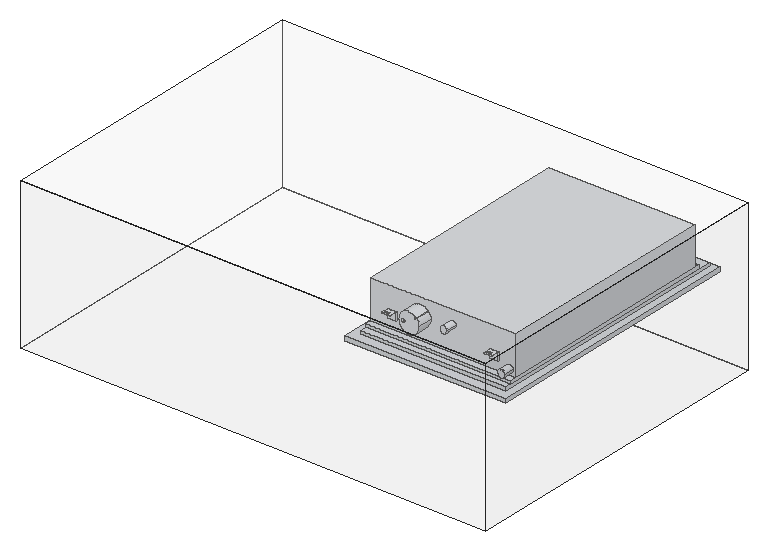
Revit family "pm-rp40_80fa19_60hz", category 機械設備, Revit 2019
Family settings
  丸型コネクタ寸法 = 直径を使用
  パーツ タイプ = 標準
  OmniClass 番号 = 23.75.10.24.21.27.27
  OmniClass タイトル = Split System Air Conditioning Units
  作業面ベース = いいえ
  常に垂直 = はい
  ロード時にボイドで切り取り = いいえ
  共有 = いいえ
  部屋計算ポイント = はい
Parameters (values of type "天井1方向_PM-RP40FA19")
  風量_静 (㎥/min) = 11
  風量_強 (㎥/min) = 15
  風量_弱 (㎥/min) = 12
  風量_中 (㎥/min) = 14
  風量 = MAX風量  # 900.0 m³/h
  音響パワーレベル(dB) = [音響パワーレベル_強 (dB)]  # 55
  音響パワーレベル_静 (dB) = 47
  音響パワーレベル_強 (dB) = 55
  音響パワーレベル_弱 (dB) = 50
  音響パワーレベル_中 (dB) = 52
  電源種別 = ""
  電源_H = 60 mm
  電圧 = 0 V
  電動機出力_送風機 = 0.09 kW
  運転質量 = 0.00 kg
  連動 = ""
  質量 = if(製品質量 > 運転質量, 製品質量, 運転質量) * 1.2  # 37.80 kg
  負荷分類 = 3_ファン類
  製品質量_本体 = 25.00 kg
  製品質量_パネル = 6.50 kg
  構成品番 = "PM-RP40FA19"
  ドレン管径 (外径) = 32 mm
  ドレン管径 = 25 mm
  サービススペース = yes
  【値が 0 の項目は組合せ形名にてご確認ください】 = ""
  URL = "https://www.mitsubishielectric.co.jp/ldg/wink/ssl/top.do"
  説明 = "店舗・事務所用パッケージエアコン(Mr.SLIM) [本体]1方向天井カセット形"
  設計暖房能力 = 0.00 kW
  設計冷房能力_顕熱 = 0 kW
  設計冷房能力 = 0 kW
  設置方法 = "カセット形"
  記号 = ""
  製造元 = "三菱電機株式会社"
  製品質量 = 製品質量_本体 + 製品質量_パネル  # 31.50 kg
  製品出荷対象 = "国内"
  製品リリース年月 = ""
  製品グループ = ""
  系統 = ""
  符号 = "PAC-CK1"
  積算_科目 = "1 空気調和設備"
  積算_拾い区分 [instance] = ""
  相 = 1
  盤記号 = ""
  発停方法 = "付属スイッチ"
  特殊仕様 = ""
  火災停止 = ""
  消費電力_暖房 = 0.07 kW
  消費電力_冷房 = 0.08 kW
  消費電力 = if(消費電力_冷房 > 消費電力_暖房, 消費電力_冷房, 消費電力_暖房)  # 0.08 kW
  法定耐用年数 = "6"
  極数 = 1
  材質 = ""
  本体マテリアル = none
  有効加湿量 = 0
  暖房能力 = 4.00 kW
  推奨ブレーカー容量 = 0 A
  形式_加湿器 = ""
  形式 = "1方向天井カセット形"
  幹線記号 = ""
  始動方式 = "直入"
  呼称 = "パッケージ形空気調和機_室内機"
  周波数 = 60 Hz
  吊り位置Y = 1173 mm
  吊り位置X = 510 mm
  吊りボルト_H = 117 mm
  台数_手元リモコン = ""
  台数_冷媒分岐ユニット = ""
  参照している仕様書等のバージョン = "公共建築工事標準仕様書（機械設備工事編）平成31年度版"
  加湿給水管径 = 0 mm
  分類コード = "5.0053E+13"
  分類グループ = ""
  冷房能力 = 3.6 kW
  冷媒高低圧ガス管径 = 0 mm
  冷媒管径符号 = "Ac"
  冷媒管径 = 100 mm
  冷媒液管高さ = 171 mm
  冷媒液管長さ = 72 mm
  冷媒液管径 = 6.4 mm
  冷媒ガス管高さ = 141 mm
  冷媒ガス管長さ = 72 mm
  冷媒ガス管径 = 12.7 mm
  企業コード = "108420"
  付属品_フィルター = ""
  付属品 = ""
  仕様書バージョン = "Version1.0"
  Model = ""
  パネルマテリアル = none
  ドレン管高さ = 159 mm
  コメント [instance] = ""
  ケーブル種類 = ""
  ケーブルサイズ = 0 mm
  Width = 724 mm
  Version = ""
  Uniclass2015Version = "Systems v1.9"
  Uniclass2015Title = "Split coil remote air cooled condensing units"
  Uniclass2015Code = "Pr_70_65_03_84"
  SpecificationReference = ""
  SpecificationDescription = ""
  S_H = 230 mm
  Revision = ""
  ProductInformation = ""
  Panel Width = 800 mm
  Panel Height = 20 mm
  Panel Depth = 1340 mm
  OmniClassCode = "23-33 17 13 11"
  MIN風量 = [風量_静 (㎥/min)] * 60.0 m³/h  # 660.0 m³/h
  MID風量2 = [風量_弱 (㎥/min)] * 60.0 m³/h  # 720.0 m³/h
  MID風量 = [風量_中 (㎥/min)] * 60.0 m³/h  # 840.0 m³/h
  MAX風量 = [風量_強 (㎥/min)] * 60.0 m³/h  # 900.0 m³/h
  IfcTypeProduct = ""
  IfcProduct = ""
  IfcExportType = "AIRCONDITIONINGUNIT"
  IfcExportAs = "IfcUnitaryEquipmentType"
  Height = 225 mm
  Depth = 1112 mm
  価格 = 0
  Clearance Top = 230 mm
  Clearance Right = 20 mm
  Clearance Left = 1500 mm
  Clearance Front = 150 mm
  Clearance Bottom = 500 mm
  Clearance Back = 150 mm
  Author = "三菱電機株式会社"
Types (8, lengths in mm): name | 風量_静 (㎥/min) | 風量_強 (㎥/min) | 風量_弱 (㎥/min) | 風量_中 (㎥/min) | 風量 | 音響パワーレベル(dB) | 音響パワーレベル_静 (dB) | 音響パワーレベル_強 (dB) | 音響パワーレベル_弱 (dB) | 音響パワーレベル_中 (dB) | 電源_H | 電動機出力_送風機 | 質量 | 製品質量_本体 | 構成品番 | 製品質量 | 消費電力_暖房 | 消費電力_冷房 | 消費電力 | 暖房能力 | 冷房能力 | 冷媒管径符号 | 冷媒液管径 | 冷媒ガス管径 | MIN風量 | MID風量2 | MID風量 | MAX風量
  天井1方向_PM-RP40FA19 | 11 | 15 | 12 | 14 | 900.0 m³/h | 55 | 47 | 55 | 50 | 52 | 60 | 0.09 kW | 37.80 kg | 25.00 kg | "PM-RP40FA19" | 31.50 kg | 0.07 kW | 0.08 kW | 0.08 kW | 4.00 kW | 3.6 kW | "Ac" | 6.4 | 12.7 | 660.0 m³/h | 720.0 m³/h | 840.0 m³/h | 900.0 m³/h
  天井1方向_PM-RP45FA19 | 11 | 15 | 12 | 14 | 900.0 m³/h | 55 | 47 | 55 | 50 | 52 | 60 | 0.09 kW | 37.80 kg | 25.00 kg | "PM-RP45FA19" | 31.50 kg | 0.07 kW | 0.08 kW | 0.08 kW | 4.50 kW | 4 kW | "Ac" | 6.4 | 12.7 | 660.0 m³/h | 720.0 m³/h | 840.0 m³/h | 900.0 m³/h
  天井1方向_PM-RP50FA19 | 11 | 15 | 12 | 14 | 900.0 m³/h | 55 | 47 | 55 | 50 | 52 | 60 | 0.09 kW | 37.80 kg | 25.00 kg | "PM-RP50FA19" | 31.50 kg | 0.07 kW | 0.08 kW | 0.08 kW | 5.00 kW | 4.5 kW | "Ac" | 6.4 | 12.7 | 660.0 m³/h | 720.0 m³/h | 840.0 m³/h | 900.0 m³/h
  天井1方向_PM-RP56FA19 | 14 | 17 | 15 | 16 | 1020.0 m³/h | 55 | 50 | 55 | 51 | 53 | 60 | 0.095 kW | 39.00 kg | 26.00 kg | "PM-RP56FA19" | 32.50 kg | 0.07 kW | 0.08 kW | 0.08 kW | 5.60 kW | 5 kW | "Ac" | 6.4 | 12.7 | 840.0 m³/h | 900.0 m³/h | 960.0 m³/h | 1020.0 m³/h
  天井1方向_PM-RP63FA19 | 14 | 19 | 16 | 17 | 1140.0 m³/h | 56 | 50 | 56 | 52 | 54 | 60 | 0.095 kW | 39.00 kg | 26.00 kg | "PM-RP63FA19" | 32.50 kg | 0.08 kW | 0.09 kW | 0.09 kW | 6.30 kW | 5.6 kW | "Ac" | 6.4 | 12.7 | 840.0 m³/h | 960.0 m³/h | 1020.0 m³/h | 1140.0 m³/h
  天井1方向_PM-RP71FA19 | 14 | 20 | 16 | 18 | 1200.0 m³/h | 58 | 51 | 58 | 53 | 55 | 60 | 0.095 kW | 39.00 kg | 26.00 kg | "PM-RP71FA19" | 32.50 kg | 0.09 kW | 0.10 kW | 0.10 kW | 7.10 kW | 6.3 kW | "Bd" | 9.5 | 15.9 | 840.0 m³/h | 960.0 m³/h | 1080.0 m³/h | 1200.0 m³/h
  天井1方向_PM-RP80FA19 | 14 | 20 | 16 | 18 | 1200.0 m³/h | 58 | 51 | 58 | 53 | 55 | 0 | 0.095 kW | 39.00 kg | 26.00 kg | "PM-RP80FA19" | 32.50 kg | 0.09 kW | 0.10 kW | 0.10 kW | 8.00 kW | 7.1 kW | "Bd" | 9.5 | 15.9 | 840.0 m³/h | 960.0 m³/h | 1080.0 m³/h | 1200.0 m³/h
  天井1方向_PM-HRP80FA19 | 14 | 20 | 16 | 18 | 1200.0 m³/h | 59 | 51 | 59 | 53 | 55 | 0 | 0.095 kW | 40.20 kg | 27.00 kg | "PM-HRP80FA19" | 33.50 kg | 0.10 kW | 0.11 kW | 0.11 kW | 8.00 kW | 7.1 kW | "Bd" | 9.5 | 15.9 | 840.0 m³/h | 960.0 m³/h | 1080.0 m³/h | 1200.0 m³/h
Reference planes
  plane 1 "中心(正面/背面)": y = 0
  plane 2: z = 0
  plane 3 "中心(左/右)": x = 0
  plane 4: x = -400
  plane 5: x = 400
  plane 6: y = 670
  plane 7: y = -670
  plane 8: z = 225
  plane 9: z = 230
  plane 10: x = -255
  plane 11: x = 255
  plane 12: y = 586.5
  plane 13: y = -586.5
  plane 14: y = 556
  plane 15: y = -556
  plane 16: x = -362
  plane 17: x = 362
  plane 18: x = -1900
  plane 19: x = 420
  plane 20: y = 820
  plane 21: y = -820
  plane 22: z = 230
  plane 23: z = -20
  plane 24: z = -520
Dimensions and locks
  equal spacing: plane 4, plane 3 "中心(左/右)", plane 5
  plane 4 to plane 5 = 800 mm
  equal spacing: plane 7, plane 1 "中心(正面/背面)", plane 6
  plane 4 to plane 10 = 145 mm
  plane 11 to plane 5 = 145 mm
  "S_H": plane 9 to level
  "吊り位置X": plane 10 to plane 11
  equal spacing: plane 10, plane 3 "中心(左/右)", plane 11
  equal spacing: plane 13, plane 1 "中心(正面/背面)", plane 12
  "吊り位置Y": plane 13 to plane 12
  equal spacing: plane 15, plane 1 "中心(正面/背面)", plane 14
  "Depth": plane 15 to plane 14
  equal spacing: plane 16, plane 3 "中心(左/右)", plane 17
  "Width": plane 16 to plane 17
  "Clearance Left": plane 18 to plane 4
  "Clearance Right": plane 5 to plane 19
  "Clearance Back": plane 6 to plane 20
  "Clearance Front": plane 21 to plane 7
  locked: level to plane 23 at 20
  "Clearance Bottom": plane 23 to plane 24
  "Clearance Top": plane 22 to level
  plane 12 to plane 6 = 83.5 mm
  plane 7 to plane 13 = 83.5 mm
  plane 7 to plane 6 = 1340 mm
  "Height": plane 8 to level
  aligned and locked: level to plane 2
  aligned and locked: plane 10 to nested 2
  aligned and locked: plane 11 to nested 2
  aligned and locked: nested 2 to plane 12
  aligned and locked: plane 13 to nested 2
  aligned and locked: plane 18 to nested 1
  aligned and locked: plane 19 to nested 1
  aligned and locked: nested 1 to plane 21
  aligned and locked: nested 1 to plane 20
  aligned and locked: plane 22 to nested 1
  aligned and locked: plane 24 to nested 1
  aligned and locked: plane 1 "中心(正面/背面)" to nested 3
  aligned and locked: nested 3 to plane 3 "中心(左/右)"
Nested families
  nested 1: "サービススペース" at (-740, 0, -145), visible <- "サービススペース", type "サービススペース"
    with Width 2320 mm, Height 750 mm, Depth 1640 mm
  nested 2: "固定点" at (-255, -586.5, 0), type "固定点"
    with W 510 mm, D 1173 mm
  nested 3: "PM-RP○○FA17" at (0, 0, 0) x (0, -1, 0) z (0, 0, 1), type "PM-RP○○FA17"
    with ユニット表示 yes, 冷媒液管径-Z 171 mm, 冷媒ガス管径-Z 141 mm, ドレン配管サイズ 32 mm
Connectors
  piping at (47, -613, 159), diameter 25, driven by "ドレン管径"
    settings: on nested 3, index 1, connector inside diameter 609.6 mm, connector length 0 mm, flow factor 0, pipe flow 0.0 L/s, pressure drop 0.0 Pa, fitting loss kfactor 0, connector angle 0.00°, fixture units 0, engagement length 0 mm, angle of deflection 0.00°, flow configuration 1, flow direction 2, fitting loss method 4, system type 16, joint type 0, gender type 0, connector reference index -1, connector utility 0, adjustable connector no, is connector primary yes, connector description ""
  piping at (-113, -628, 141), diameter 100, driven by "冷媒管径", driven by "冷媒管径符号"
    settings: on nested 3, index 2, connector inside diameter 609.6 mm, connector length 0 mm, flow factor 0, pipe flow 0.0 L/s, pressure drop 0.0 Pa, fitting loss kfactor 0, connector angle 0.00°, fixture units 0, engagement length 0 mm, angle of deflection 0.00°, flow configuration 1, flow direction 1, fitting loss method 4, system type 7, joint type 0, gender type 0, connector reference index -1, connector utility 0, adjustable connector no, is connector primary no, connector description "Ac"
  electrical at (330, -606, 60), driven by "極数", driven by "負荷分類", driven by "電圧", driven by "消費電力"
    settings: on nested 3, index 3, voltage 0 V, apparent load 80 VA, apparent load phase1 0 VA, apparent load phase2 0 VA, apparent load phase3 0 VA, power factor 1, load classification "3_ファン類", number of poles 1, system type 30, power factor state 1, is connector primary yes, connector utility no, sub classification motor no, connector description ""
Definition of nested family "サービススペース"
  Parameters (values of type "サービススペース")
    Width [instance] = 500 mm
    Height [instance] = 500 mm
    Depth [instance] = 500 mm
  Reference planes
    plane 1 "中心(正面/背面)": y = 0
    plane 2: z = 0
    plane 3 "中心(左/右)": x = 0
    plane 4: y = -250
    plane 5: x = 250
    plane 6: y = 250
    plane 7: x = -250
    plane 8: z = 250
    plane 9: z = -250
  Forms (mm)
    Extrusion 1, solid
      sketch origin (-638.939, 0, 72.39) x (1, 0, 0) y (0, 1, 0)
        loop
          line (388.939, 250) -> (388.939, -250) -> (888.939, -250) -> (888.939, 250) -> (388.939, 250)
      from -322.39 to 177.61
  Lines and regions (mm)
    symbolic lines
      curve 1: line (-250, 0, 250) -> (250, 0, 250)
      curve 2: line (-250, 0, -250) -> (-250, 0, 250)
      curve 3: line (250, 0, -250) -> (-250, 0, -250)
      curve 4: line (250, 0, 250) -> (250, 0, -250)
      curve 5: line (0, -250, 250) -> (0, 250, 250)
      curve 6: line (0, -250, -250) -> (0, -250, 250)
      curve 7: line (0, 250, -250) -> (0, -250, -250)
      curve 8: line (0, 250, 250) -> (0, 250, -250)
      curve 9: line (-250, 250, 0) -> (250, 250, 0)
      curve 10: line (-250, -250, 0) -> (-250, 250, 0)
      curve 11: line (250, -250, 0) -> (-250, -250, 0)
      curve 12: line (250, 250, 0) -> (250, -250, 0)
  Dimensions and locks
    equal spacing: plane 7, plane 3 "中心(左/右)", plane 5
    equal spacing: plane 4, plane 1 "中心(正面/背面)", plane 6
    "Depth": plane 4 to plane 6
    "Width": plane 7 to plane 5
    equal spacing: plane 8, plane 2, plane 9
    "Height": plane 8 to plane 9
    aligned and locked: plane 9 to curve 3
    aligned and locked: plane 7 to curve 2
    aligned and locked: curve 4 to plane 5
    aligned and locked: plane 5 to Extrusion 1
    aligned and locked: Extrusion 1 to plane 7
    aligned and locked: Extrusion 1 to plane 9
    aligned and locked: plane 8 to Extrusion 1
    aligned and locked: plane 9 to curve 7
  Automatic sketch dimensions
    plane 4 to Extrusion 1 sketch curve = 0 mm
    Extrusion 1 sketch curve to plane 7 = 0 mm
    Extrusion 1 sketch curve to plane 5 = 0 mm
    plane 6 to Extrusion 1 sketch curve = 0 mm
    curve 2 to plane 8 = 0 mm
    plane 4 to curve 11 = 0 mm
    curve 11 to plane 7 = 0 mm
    curve 11 to plane 5 = 0 mm
    plane 6 to curve 10 = 0 mm
    curve 7 to plane 4 = 0 mm
    curve 7 to plane 6 = 0 mm
    curve 6 to plane 8 = 0 mm
Definition of nested family "PM-RP○○FA17"
  Parameters (values of type "PM-RP○○FA17")
    配線取出口サイズ = 36 mm
    配線取出口-Z = 60 mm
    配線取出口-Y = 32 mm
    配線取出口-X = 50 mm
    液配管サイズ = 6.4 mm
    冷媒ガス管径-Z2 = 141 mm
    冷媒ガス管径-Z1 = 171 mm
    A = 幅さ + 228 mm  # 1340 mm
    高さ = 225 mm
    奥行き = 724 mm
    吊りボルト_H = 117 mm
    冷媒配管 = 100 mm
    冷媒液管径-Z = 156 mm
    冷媒液管径-Y = 445 mm
    冷媒液管径-X = 72 mm
    冷媒ガス管径-Z = 156 mm
    冷媒ガス管径-Y = 505 mm
    冷媒ガス管径-X = 72 mm
    ユニット表示 [instance] = yes
    ボルトピッチ = 510 mm
    ドレン配管サイズ = 25 mm
    ドレン管径-Z = 159 mm
    ドレン管径-Y = 315 mm
    ドレン管径-X = 57 mm
    ガス配管サイズ = 12.7 mm
    D = 幅さ + 61 mm  # 1173 mm
    幅さ = 1112 mm
    B = 幅さ + 188 mm  # 1300 mm
  Reference planes
    plane 1 "中心(正面/背面)": y = 0
    plane 2: z = 0
    plane 3 "中心(左/右)": x = 0
    plane 4: x = -670
    plane 5: x = 670
    plane 6: y = 400
    plane 7: y = -400
    plane 8: z = 225
    plane 9: z = -20
    plane 10: x = -556
    plane 11: x = 556
    plane 12: y = 362
    plane 13: y = -362
    plane 14: z = 16
    plane 15: x = -650
    plane 16: x = 650
    plane 17: x = 586.5
    plane 18: x = -586.5
    plane 19: z = 32
    plane 20: x = 620
    plane 21: y = 255
    plane 22: y = -255
    plane 23: x = 628
    plane 24: y = -143
    plane 25: z = 156
    plane 26: x = 628
    plane 27: y = -83
    plane 28: x = 613
    plane 29: y = 47
    plane 30: z = 159
    plane 31: x = 606
    plane 32: y = 330
    plane 33: z = 60
    plane 34: z = 117
    plane 35: z = 115
    plane 36: z = 75
    plane 37: y = 275
    plane 38: y = 235
    plane 39: y = -235
    plane 40: y = -275
    plane 41: y = 260
    plane 42: y = 250
    plane 43: y = -250
    plane 44: y = -260
    plane 45: x = -596
    plane 46: x = 596
    plane 47: x = -558
    plane 48: x = 558
    plane 49: z = 141
    plane 50: z = 171
  Forms (mm)
    Extrusion 1, solid, visible <- "ユニット表示", detail levels fine
      sketch origin (0, 0, 0) x (1, 0, 0) y (0, 1, 0)
        loop
          line (-556, 362) -> (-556, -362) -> (556, -362) -> (556, 362) -> (-556, 362)
      from 32 to 225
    Extrusion 2, solid, visible <- "ユニット表示", detail levels fine
      sketch origin (-1437.329, -1524, 16) x (-1, 0, 0) y (0, -1, 0)
        loop
          line (-850.829, -1886) -> (-850.829, -1162) -> (-2023.829, -1162) -> (-2023.829, -1886) -> (-850.829, -1886)
      from 0 to 16
    Extrusion 3, solid, visible <- "ユニット表示", detail levels fine
      sketch origin (-1437.329, -1524, 16) x (-1, 0, 0) y (0, -1, 0)
        loop
          line (-787.329, -1886) -> (-787.329, -1162) -> (-2057.329, -1162) -> (-2057.329, -1886) -> (-787.329, -1886)
      from 0 to -16
    Extrusion 4, solid, visible <- "ユニット表示", detail levels fine
      sketch origin (556, 1296.25, 1200) x (0, 1, 0) y (0, 0, 1)
        loop
          circle (-1439.25, -1059) r 6.35
      from 0 to 72
    Extrusion 5, solid, visible <- "ユニット表示", detail levels fine
      sketch origin (556, 1296.25, 1200) x (0, 1, 0) y (0, 0, 1)
        loop
          circle (-1379.25, -1029) r 3.2
      from 0 to 72
    Extrusion 6, solid, visible <- "ユニット表示", detail levels fine
      sketch origin (556, 1296.25, 1200) x (0, 1, 0) y (0, 0, 1)
        loop
          circle (-1249.25, -1041) r 12.5
      from 0 to 57
    Extrusion 7, solid, visible <- "ユニット表示", detail levels fine
      sketch origin (556, 1296.25, 1200) x (0, 1, 0) y (0, 0, 1)
        loop
          circle (-966.25, -1140) r 18
      from 0 to 50
    Extrusion 8, solid, visible <- "ユニット表示", detail levels fine
      sketch origin (556, 1306.25, 1200) x (0, 1, 0) y (0, 0, 1)
        loop
          circle (-1419.25, -1044) r 50
      from 0 to 72
    Extrusion 9, solid, visible <- "ユニット表示"
      sketch origin (0, 0, 0) x (1, 0, 0) y (0, 1, 0)
        loop
          line (-670, 400) -> (-670, -400) -> (670, -400) -> (670, 400) -> (-670, 400)
      from 0 to -20
    Extrusion 10, solid, visible <- "ユニット表示", detail levels fine
      sketch origin (0, 0, 0) x (1, 0, 0) y (0, 1, 0)
        loop
          line (-581.5, 260) -> (-581.5, 250)
          arc (-581.5, 250) -> (-586.5, 245) -> (-591.5, 250) r 5
          line (-591.5, 250) -> (-596, 250) -> (-596, 235) -> (-556, 235) -> (-556, 275) -> (-596, 275) -> (-596, 260) -> (-591.5, 260)
          arc (-591.5, 260) -> (-586.5, 265) -> (-581.5, 260) r 5
        loop
          arc (581.5, 260) -> (586.5, 265) -> (591.5, 260) r 5
          line (591.5, 260) -> (596, 260) -> (596, 275) -> (556, 275) -> (556, 235) -> (596, 235) -> (596, 250) -> (591.5, 250)
          arc (591.5, 250) -> (586.5, 245) -> (581.5, 250) r 5
          line (581.5, 250) -> (581.5, 260)
        loop
          line (581.5, -260) -> (581.5, -250)
          arc (581.5, -250) -> (586.5, -245) -> (591.5, -250) r 5
          line (591.5, -250) -> (596, -250) -> (596, -235) -> (556, -235) -> (556, -275) -> (596, -275) -> (596, -260) -> (591.5, -260)
          arc (591.5, -260) -> (586.5, -265) -> (581.5, -260) r 5
        loop
          arc (-581.5, -260) -> (-586.5, -265) -> (-591.5, -260) r 5
          line (-591.5, -260) -> (-596, -260) -> (-596, -275) -> (-556, -275) -> (-556, -235) -> (-596, -235) -> (-596, -250) -> (-591.5, -250)
          arc (-591.5, -250) -> (-586.5, -245) -> (-581.5, -250) r 5
          line (-581.5, -250) -> (-581.5, -260)
      from 115 to 117
    Extrusion 11, solid, visible <- "ユニット表示", detail levels fine
      sketch origin (0, 0, 0) x (1, 0, 0) y (0, 1, 0)
        loop
          line (-558, 275) -> (-558, 235) -> (-556, 235) -> (-556, 275) -> (-558, 275)
        loop
          line (556, 275) -> (556, 235) -> (558, 235) -> (558, 275) -> (556, 275)
        loop
          line (556, -235) -> (556, -275) -> (558, -275) -> (558, -235) -> (556, -235)
        loop
          line (-558, -235) -> (-558, -275) -> (-556, -275) -> (-556, -235) -> (-558, -235)
      from 75 to 115
  Dimensions and locks
    equal spacing: plane 7, plane 1 "中心(正面/背面)", plane 6
    plane 7 to plane 6 = 800 mm
    equal spacing: plane 4, plane 3 "中心(左/右)", plane 5
    "A": plane 4 to plane 5
    locked: level to plane 9 at 20
    equal spacing: plane 13, plane 1 "中心(正面/背面)", plane 12
    "奥行き": plane 13 to plane 12
    equal spacing: plane 10, plane 3 "中心(左/右)", plane 11
    "幅さ": plane 10 to plane 11
    locked: plane 14 to level at 16
    equal spacing: plane 15, plane 3 "中心(左/右)", plane 16
    "B": plane 15 to plane 16
    equal spacing: plane 18, plane 3 "中心(左/右)", plane 17
    "D": plane 18 to plane 17
    equal spacing: plane 22, plane 1 "中心(正面/背面)", plane 21
    "ボルトピッチ": plane 22 to plane 21
    "冷媒ガス管径-X": plane 11 to plane 23
    "冷媒ガス管径-Y": plane 24 to plane 12
    "冷媒液管径-X": plane 11 to plane 26
    "冷媒液管径-Y": plane 27 to plane 12
    "ドレン管径-X": plane 11 to plane 28
    "ドレン管径-Y": plane 29 to plane 12
    "配線取出口-X": plane 11 to plane 31
    "配線取出口-Y": plane 32 to plane 12
    "配線取出口-Z": plane 33 to level
    "ドレン管径-Z": plane 30 to level
    "冷媒ガス管径-Z": plane 25 to level
    locked: plane 35 to plane 36 at 40
    locked: plane 34 to plane 35 at 2
    "吊りボルト_H": plane 34 to level
    plane 40 to plane 22 to plane 39 = 20 mm locked, 20 mm locked
    plane 38 to plane 21 to plane 37 = 20 mm locked, 20 mm locked
    plane 44 to plane 22 to plane 43 = 5 mm locked, 5 mm locked
    plane 42 to plane 21 to plane 41 = 5 mm locked, 5 mm locked
    locked: plane 45 to plane 10 at 40
    locked: plane 11 to plane 46 at 40
    locked: plane 11 to plane 48 at 2
    locked: plane 47 to plane 10 at 2
    plane 16 to plane 15 = 1300 mm
    plane 4 to plane 15 = 20 mm
    plane 15 to plane 10 = 94 mm
    plane 11 to plane 16 = 94 mm
    plane 12 to plane 6 = 38 mm
    locked: plane 19 to plane 14 at 16
    "高さ": plane 8 to level
    equal spacing: plane 24, Extrusion 8 sketch curve, plane 27
    plane 7 to plane 13 = 38 mm
    plane 16 to plane 5 = 20 mm
    "冷媒ガス管径-Z2": plane 49 to level
    "冷媒ガス管径-Z1": plane 50 to level
    "ガス配管サイズ": diameter of Extrusion 4 sketch curve
    "液配管サイズ": diameter of Extrusion 5 sketch curve
    "配線取出口サイズ": diameter of Extrusion 7 sketch curve
    "冷媒配管": diameter of Extrusion 8 sketch curve
    "ドレン配管サイズ": diameter of Extrusion 6 sketch curve
    aligned and locked: level to plane 2
    aligned and locked: plane 12 to Extrusion 1 sketch curve
    aligned and locked: plane 10 to Extrusion 1 sketch curve
    aligned and locked: Extrusion 1 sketch curve to plane 13
    aligned and locked: Extrusion 1 sketch curve to plane 11
    aligned and locked: plane 8 to Extrusion 1
    aligned and locked: plane 12 to Extrusion 2 sketch curve
    aligned and locked: plane 18 to Extrusion 2 sketch curve
    aligned and locked: Extrusion 2 sketch curve to plane 13
    aligned and locked: Extrusion 2 sketch curve to plane 17
    aligned and locked: plane 19 to Extrusion 2
    aligned and locked: Extrusion 1 to Extrusion 2
    aligned and locked: plane 12 to Extrusion 3 sketch curve
    aligned and locked: Extrusion 3 sketch curve to plane 13
    aligned and locked: Extrusion 3 sketch curve to plane 20
    aligned and locked: Extrusion 3 to level
    aligned and locked: plane 14 to Extrusion 3
    aligned and locked: plane 24 to Extrusion 4 sketch curve
    aligned and locked: Extrusion 4 to plane 11
    aligned and locked: plane 23 to Extrusion 4
    aligned and locked: plane 27 to Extrusion 5 sketch curve
    aligned and locked: plane 26 to Extrusion 5
    aligned and locked: Extrusion 5 to plane 11
    aligned and locked: plane 30 to Extrusion 6 sketch curve
    aligned and locked: plane 29 to Extrusion 6 sketch curve
    aligned and locked: Extrusion 6 to plane 11
    aligned and locked: plane 28 to Extrusion 6
    aligned and locked: plane 33 to Extrusion 7 sketch curve
    aligned and locked: plane 32 to Extrusion 7 sketch curve
    aligned and locked: Extrusion 7 to plane 11
    aligned and locked: plane 31 to Extrusion 7
    aligned and locked: plane 25 to Extrusion 8 sketch curve
    aligned and locked: Extrusion 8 to plane 11
    aligned and locked: plane 26 to Extrusion 8
    aligned and locked: level to Extrusion 9
    aligned and locked: Extrusion 9 to plane 9
    aligned and locked: Extrusion 10 sketch curve to plane 10
    aligned and locked: plane 34 to Extrusion 10
    aligned and locked: Extrusion 10 to plane 35
    aligned and locked: plane 37 to Extrusion 10 sketch curve
    aligned and locked: plane 45 to Extrusion 10 sketch curve  (x2)
    aligned and locked: Extrusion 10 sketch curve to plane 38
    aligned and locked: Extrusion 10 sketch curve to plane 42
    aligned and locked: Extrusion 10 sketch curve to plane 41
    aligned and locked: plane 41 to Extrusion 10 sketch curve  (x3)
    aligned and locked: plane 42 to Extrusion 10 sketch curve  (x3)
    aligned and locked: plane 18 to Extrusion 10 sketch curve  (x4)
    aligned and locked: plane 10 to Extrusion 10 sketch curve
    aligned and locked: Extrusion 10 sketch curve to plane 39
    aligned and locked: plane 40 to Extrusion 10 sketch curve
    aligned and locked: plane 44 to Extrusion 10 sketch curve  (x3)
    aligned and locked: plane 43 to Extrusion 10 sketch curve  (x3)
    aligned and locked: Extrusion 10 sketch curve to plane 43
    aligned and locked: Extrusion 10 sketch curve to plane 44
    aligned and locked: Extrusion 10 sketch curve to plane 45  (x2)
    aligned and locked: plane 11 to Extrusion 10 sketch curve
    aligned and locked: Extrusion 10 sketch curve to plane 46  (x2)
    aligned and locked: plane 17 to Extrusion 10 sketch curve  (x4)
    aligned and locked: Extrusion 10 sketch curve to plane 40
    aligned and locked: plane 39 to Extrusion 10 sketch curve
    aligned and locked: plane 46 to Extrusion 10 sketch curve  (x2)
    aligned and locked: plane 38 to Extrusion 10 sketch curve
    aligned and locked: Extrusion 10 sketch curve to plane 11
    aligned and locked: Extrusion 10 sketch curve to plane 37
    aligned and locked: plane 37 to Extrusion 11 sketch curve
    aligned and locked: plane 47 to Extrusion 11 sketch curve  (x2)
    aligned and locked: Extrusion 11 sketch curve to Extrusion 10  (x8)
    aligned and locked: Extrusion 11 sketch curve to plane 38
    aligned and locked: Extrusion 11 sketch curve to plane 48  (x2)
    aligned and locked: Extrusion 11 sketch curve to plane 40
    aligned and locked: plane 39 to Extrusion 11 sketch curve
    aligned and locked: Extrusion 11 to Extrusion 10
    aligned and locked: Extrusion 11 to plane 36
    aligned and locked: plane 49 to Extrusion 4 sketch curve
    aligned and locked: plane 50 to Extrusion 5 sketch curve
  Automatic sketch dimensions
    Extrusion 9 sketch curve to plane 4 = 0 mm
    Extrusion 9 sketch curve to plane 5 = 0 mm
    plane 7 to Extrusion 9 sketch curve = 0 mm
    plane 6 to Extrusion 9 sketch curve = 0 mm
    Extrusion 10 sketch curve to plane 18 = 5 mm  (x2)
    Extrusion 10 sketch curve to plane 17 = 5 mm  (x2)
    Extrusion 3 sketch curve to plane 15 = 0 mm
Definition of nested family "固定点"
  Parameters (values of type "固定点")
    中心円 = 20 mm
    W [instance] = 1000 mm
    D [instance] = 1000 mm
  Reference planes
    plane 1 "中心(正面/背面)": y = 0
    plane 2: z = 0
    plane 3 "中心(左/右)": x = 0
    plane 4: x = 1000
    plane 5: y = 1000
  Lines and regions (mm)
    symbolic lines, detail levels fine
      curve 1: circle (0, 1000, 0) r 10 normal (0, 0, 1)
      curve 2: circle (0, 0, 0) r 10 normal (0, 0, 1)
      curve 3: circle (1000, 1000, 0) r 10 normal (0, 0, 1)
      curve 4: circle (1000, 0, 0) r 10 normal (0, 0, 1)
      curve 5: line (-200, 1000, 0) -> (1200, 1000, 0)
      curve 6: line (-200, 0, 0) -> (1200, 0, 0)
      curve 7: line (0, 1200, 0) -> (0, -200, 0)
      curve 8: line (1000, 1200, 0) -> (1000, -200, 0)
  Dimensions and locks
    "W": plane 3 "中心(左/右)" to plane 4
    "D": plane 1 "中心(正面/背面)" to plane 5
    "中心円": diameter of curve 1
    "中心円": diameter of curve 2
    "中心円": diameter of curve 3
    "中心円": diameter of curve 4
    aligned and locked: level to plane 2
    aligned and locked: plane 5 to curve 1
    aligned and locked: plane 3 "中心(左/右)" to curve 1
    aligned and locked: plane 3 "中心(左/右)" to curve 2
    aligned and locked: plane 1 "中心(正面/背面)" to curve 2
    aligned and locked: plane 4 to curve 3
    aligned and locked: plane 5 to curve 3
    aligned and locked: plane 1 "中心(正面/背面)" to curve 4
    aligned and locked: plane 4 to curve 4
    aligned and locked: plane 1 "中心(正面/背面)" to curve 6
    aligned and locked: curve 7 to plane 3 "中心(左/右)"
    aligned and locked: curve 8 to plane 4
  Automatic sketch dimensions
    curve 5 to plane 5 = 0 mm
    curve 6 to plane 3 "中心(左/右)" = 200 mm
    curve 5 to plane 3 "中心(左/右)" = 200 mm
    curve 4 to curve 6 = 200 mm
    curve 3 to curve 5 = 200 mm
    plane 1 "中心(正面/背面)" to curve 8 = 200 mm
    plane 1 "中心(正面/背面)" to curve 7 = 200 mm
    curve 3 to curve 8 = 200 mm
    curve 1 to curve 7 = 200 mm
